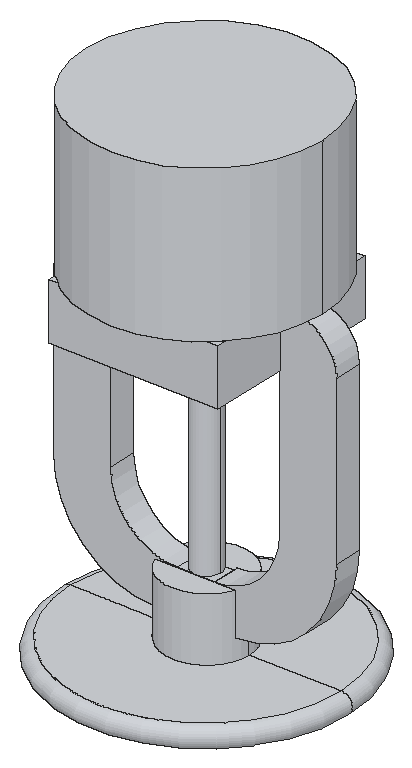
Revit family
Parameters (values of type "RASCO F1FR-300 PENDENT")
  Temperature Rating = 155 °F
  Response = 1
  RASCO SIN # = "R5612"
  RASCO Part # = "F1FRP1LC3"
  Pressure Rating = "300 PSI"
  Pressure Class = 1
  Orifice Size = 17/32"
  Orifice = (empty or 0)
  Model = "F1FR-300"
  Manufacturer = "RASCO"
  K-Factor = 8
  Description = "Chrome Finish"
  Coverage = (empty or 0)
Reference planes (in)
  plane 1 "Center (Front/Back)": y = 0
  plane 2: z = 0
  plane 3 "Center (Left/Right)": x = 0
Dimensions and locks (in)
  aligned and locked: plane 2 to level
Nested families (in)
  nested 1: "F1FRP1LC3" at (-0.01148, 0, 2.4375) x (-1, 0, 0) z (0, 0, -1), type "RASCO F1FR-300 PENDENT"
Connectors (in)
  piping at (-0.01148, 0, 2.4375)
    settings: on nested 1, index 1, connector radius 1/2", flow factor 0, pipe flow 0 GPM, pressure drop 0.00 psi, fitting loss kfactor 0, connector angle 0.00°, fixture units 0, flow configuration 0, flow direction 0, fitting loss method 0, system type 7, connector reference index -1, connector utility 0, adjustable connector no, is connector primary yes, fitting loss table "", connector description ""
Definition of nested family "F1FRP1LC3"
  Parameters (values of type "RASCO F1FR-300 PENDENT")
    Type Comments = ""
    Temperature Rating = 0 °F
    Response = (empty or 0)
    Pressure Rating = "0"
    Pressure Class = (empty or 0)
    Orifice Size = 0"
    Orifice = (empty or 0)
    Model = ""
    Manufacturer = ""
    K-Factor = 0
    Description = ""
    Coverage = (empty or 0)
    Assembly Code = ""
  Reference planes (in)
    plane 1 "Center (Front/Back)": y = 0
    plane 2: z = 0
    plane 3 "ref.2": z = 0.6875
    plane 4 "ref.3": z = 0.9375
    plane 5: x = -0.38065
    plane 6: x = 0.36935
    plane 7 "ref. side 1": y = 0.06402
    plane 8 "ref. side 2": y = -0.06098
    plane 9 "ref.4": z = 1.875
    plane 10 "ref.5": z = 2.3125
    plane 11 "ref.6": z = 2.4375
  Forms (in)
    Extrusion 1, solid
      sketch origin (0, 0, 0) x (1, 0, 0) y (0, 1, 0)
        loop
          circle (0, 0) r 0.5221
      from 0 to 0.6875
    Extrusion 2, solid
      sketch origin (-0.12185, 0.05177, 0.6875) x (1, 0, 0) y (0, 1, 0)
        loop
          line (-0.2588, 0.356) -> (-0.2588, -0.4565) -> (0.4912, -0.4565) -> (0.4912, 0.356) -> (-0.2588, 0.356)
      from 0 to 0.25
    Extrusion 3, solid
      sketch origin (0, 0, 0) x (1, 0, 0) y (0, 0, 1)
        loop
          line (-0.38065, 0.69674) -> (-0.38065, 1.58397)
          arc (-0.38065, 1.58397) -> (-0.29541, 1.78976) -> (-0.08962, 1.875) r 0.29103
          line (-0.08962, 1.875) -> (0.07524, 1.875)
          arc (0.07524, 1.875) -> (0.28321, 1.78886) -> (0.36935, 1.58089) r 0.29411
          line (0.36935, 1.58089) -> (0.36935, 0.69728)
          arc (0.36935, 0.69728) -> (0.54046, 0.72329) -> (0.61935, 0.87734) r 0.18984
          line (0.61935, 0.87734) -> (0.61935, 1.61676)
          arc (0.61935, 1.61676) -> (0.48879, 1.93194) -> (0.17361, 2.0625) r 0.44574
          line (0.17361, 2.0625) -> (-0.18509, 2.0625)
          arc (-0.18509, 2.0625) -> (-0.50015, 1.932) -> (-0.63065, 1.61694) r 0.44556
          line (-0.63065, 1.61694) -> (-0.63065, 0.87876)
          arc (-0.63065, 0.87876) -> (-0.55196, 0.72414) -> (-0.38065, 0.69674) r 0.19126
      from -0.06402 to 0.06098
    Extrusion 4, solid
      sketch origin (0, 0, 0.9375) x (-1, 0, 0) y (0, -1, 0)
        loop
          circle (0.00574, -0.00152) r 0.0625
      from 0 to 0.9375
    Extrusion 5, solid
      sketch origin (0, 0, 1.875) x (-1, 0, 0) y (0, -1, 0)
        loop
          circle (0.00574, -0.00152) r 0.1875
      from 0 to 0.4375
    Revolve 6, solid
      sketch origin (0, 0, -0.2777) x (1, 0, 0) y (0, 0, 1)
        loop
          line (-0.19324, 2.43282) -> (-0.19324, 2.52696) -> (-0.6036, 2.52696)
          arc (-0.6036, 2.52696) -> (-0.65067, 2.47989) -> (-0.6036, 2.43282) r 0.04707
          line (-0.6036, 2.43282) -> (-0.19324, 2.43282)
        axis (-0.00574, 2.43282) -> (-0.00574, 2.52696)
      angle from 0 to 360
  Cuts and joins
    joined: Extrusion 1, Extrusion 2, Extrusion 4, Revolve 6
  Lines and regions (in)
    model lines
      curve 1: line (-0.00574, 0.06402, 1.875) -> (-0.00574, -0.06098, 1.875)
  Dimensions and locks (in)
    Extrusion 3 to Extrusion 3 = 0' - 1 1/4"
    Extrusion 5 to cut or joined group of Extrusion 1, Extrusion 2, Extrusion 4, Revolve 6 = 0' - 2 5/16"
